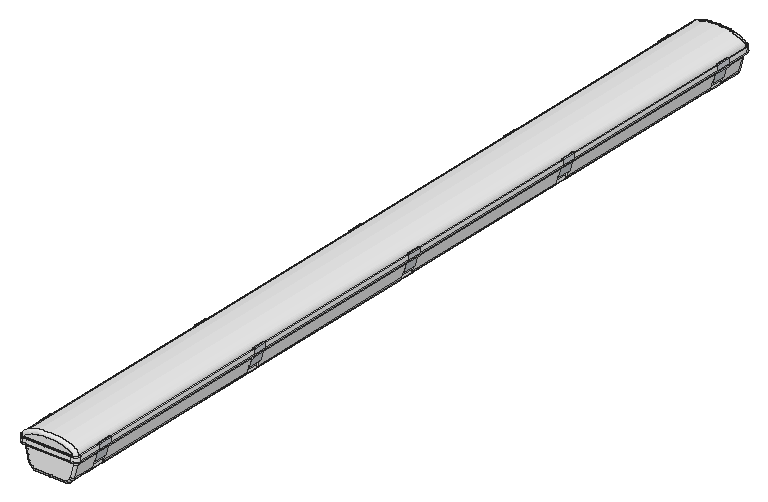
Revit family "0067978 Sylvania Lighting Fixture START Waterproof Twin 1500 IP65 DALI 7100lm 840 QC", category Lighting Fixtures, host Face, Revit 2016
Family settings
  Host = Face
  Part Type = Normal
  Round Connector Dimension = Use Diameter
  OmniClass Number = 23.80.70.11.14
  OmniClass Title = General Luminaries, Directional
  Cut with Voids When Loaded = No
  Light Source = Yes
  Shared = No
  Room Calculation Point = No
Parameters (values of type "0067978 ST WTRPRF T 1500 IP65 DALI 7100LM 840 QC")
  Width = 110 mm
  Weight = "kg"
  Wattage Comments = "n/a"
  Wattage = 58 W
  WarrantyStartDate [instance] = "n/a"
  WarrantyGuarantorParts = "n/a"
  WarrantyDurationUnit = "n/a"
  WarrantyDurationParts = "n/a"
  WarrantyDescription = "n/a"
  built-in parameter 1150110 = 1 (stored number, unit not read)
  Voltage = 0 V
  URL = "http://www.sylvania-lighting.com"
  TypeName = "START Waterproof Twin 1500 IP65 DALI 7100lm 840 QC"
  Type Image = <None>
  Type Comments = "n/a"
  built-in parameter 1114217 = 1 (stored number, unit not read)
  Tilt Angle = -90.00°
  built-in parameter 1150109 = 1 (stored number, unit not read)
  built-in parameter 1150134 = 12
  built-in parameter 1150113 = 1 (stored number, unit not read)
  SerialNumber [instance] = "n/a"
  ReflectorMaterial = none
  PowerFactor = 0
  PowerConsumption = "58 W"
  Photometric Web File = "0067978.ies"
  NominalWidth = 0 mm
  NominalLength = 1578 mm
  NominalHeight = 78 mm
  Name = "START Waterproof Twin 1500 IP65 DALI 7100lm 840 QC"
  ModelReference = "START Waterproof Twin 1500 IP65 DALI 7100lm 840 QC"
  ModelNumber = "0067978"
  Model = "START Waterproof Twin 1500 IP65 DALI 7100lm 840 QC"
  Material = "polycarbonate housing, polycarbonate diffuser"
  ManufacturerName = "Feilo Sylvania"
  Manufacturer = "Feilo Sylvania"
  LuminousEfficacy = "122 lm/W"
  built-in parameter 1150105 = 563.09 (stored number, unit not read)
  Lumens = 7076 lm
  LuminaireType = ""
  built-in parameter 1150115 = 1 (stored number, unit not read)
  LightOutputRatio = "n/a"
  built-in parameter 1150137 = (empty or 0)
  built-in parameter 1150139 = (empty or 0)
  Length = 1572 mm
  LampsType = Lamp  # "LED"
  LampNominalLuminous = "7050 lm"
  LampMacAdamStep = "n/a"
  LampColourTemperature = "4000 K"
  LampColourRenderingIndex = "80"
  built-in parameter 1150112 = 1 (stored number, unit not read)
  built-in parameter 1150114 = 1 (stored number, unit not read)
  Lamp = "LED"
  Keynote = "16500"
  InstallationDate [instance] = "n/a"
  InputVoltage = "n/a"
  InputNominalFrequency = "n/a"
  built-in parameter 1150132 = (empty or 0)
  built-in parameter 1150102 = (empty or 0)
  built-in parameter 1150107 = 4000 (stored number, unit not read)
  built-in parameter 1150138 = (empty or 0)
  IngressProtection = "IP65"
  ImpactProtectionIndex = "IK08"
  built-in parameter 1150106 = 5.6309 (stored number, unit not read)
  IfcExportType = "IfcLightFixtureType"
  IfcExportAs = "IfcLightFixtureType"
  ExpectedLife = 50000
  Emit from Rectangle Width = Width - 20 mm  # 90 mm
  Emit from Rectangle Length = Length - 20 mm  # 1552 mm
  Emit Shape Visible in Rendering = no
  ElectricShockClassification = "Class I"
  built-in parameter 1150104 = 11.334 (stored number, unit not read)
  DurationUnit = "hours"
  DocumentationLiterature = "http://www.sylvania-lighting.com/product/en-int/products/0067978"
  DimmingControlOptions = "n/a"
  Dimming Lamp Color Temperature Shift = <None>
  DiffuserMaterial = Diffuser-Sylvania-Transparent
  Description = ""
  Default Elevation = 1219.2 mm
  CreatedOn = "11/27/2018"
  CreatedBy = "@sylvania-lighting.com"
  Cost = 0
  Color Filter = 16777215
  built-in parameter 1114216 [instance] = (empty or 0)
  ClassificationValue = "EF_70_80"
  ClassificationName = "Uniclass2015"
  BodyMaterial = Body-Sylvania-Gray
  BarCode [instance] = "n/a"
  built-in parameter 1114218 = 1 (stored number, unit not read)
  built-in parameter 1150133 = 10 (stored number, unit not read)
  AssetType = "Fixed"
  AssetIdentifier [instance] = "n/a"
  Assembly Code = "D5020200"
  Apparent Load = 58 VA
  AccessoryMaterial = Diffuser-Sylvania-Glow
Reference planes
  plane 1 "Center (Front/Back)": y = 0
  plane 2: z = 0
  plane 3 "Center (Left/Right)": x = 0
  plane 4: z = 54
  plane 5: x = -27.7
  plane 6: x = -34.8
  plane 7: x = -39.6
  plane 8: x = -42.2
  plane 9: z = 3
  plane 10: z = 7.8
  plane 11: z = 12.3
  plane 12: z = 36.6
  plane 13: z = 42.8
  plane 14: x = -51.1
  plane 15: z = 46.2
  plane 16: x = -55
  plane 17: y = 786
  plane 18: y = -786
  plane 19: x = 27.7
  plane 20: x = 34.8
  plane 21: x = 39.6
  plane 22: x = 42.2
  plane 23: x = 51.1
  plane 24: x = 55
  plane 25: y = 778.4
  plane 26: y = -778.4
  plane 27: y = -774.7
  plane 28: y = 774.7
  plane 29: z = 74
  plane 30: x = -51.5
  plane 31: x = 51.5
  plane 32: z = 55.2
  plane 33: y = -782.5
  plane 34: y = 782.5
  plane 35: x = -37.5
  plane 36: x = 37.5
  plane 37: x = -48.7
  plane 38: x = 48.7
  plane 39: x = 18
  plane 40: x = -18
  plane 41: z = 50.2
  plane 42: z = 24.6
  plane 43: y = 720
  plane 44: y = 706
  plane 45: y = 734
  plane 46: y = -720
  plane 47: y = 720
  plane 48: y = 706
  plane 49: y = 734
  plane 50: y = -720
  plane 51: y = -734
  plane 52: y = -706
  plane 53: y = 360
  plane 54: y = 346
  plane 55: y = 374
  plane 56: y = 0
  plane 57: y = -14
  plane 58: y = 14
  plane 59: y = -360
  plane 60: y = -374
  plane 61: y = -346
Forms (mm)
  Sweep 1, solid, material "Body-Sylvania-Gray" <- "BodyMaterial", detail levels medium+fine
    path origin (1223.4, -4572, 54) x (0, -1, 0) y (1, 0, 0)
      loop
        arc (-3796, -1278.4) -> (-3788.929, -1275.471) -> (-3786, -1268.4) r 10
        line (-3786, -1268.4) -> (-3786, -1178.4)
        arc (-3786, -1178.4) -> (-3788.929, -1171.329) -> (-3796, -1168.4) r 10
        line (-3796, -1168.4) -> (-5348, -1168.4)
        arc (-5348, -1168.4) -> (-5355.071, -1171.329) -> (-5358, -1178.4) r 10
        line (-5358, -1178.4) -> (-5358, -1268.4)
        arc (-5358, -1268.4) -> (-5355.071, -1275.471) -> (-5348, -1278.4) r 10
        line (-5348, -1278.4) -> (-3796, -1278.4)
    profile origin (-55, 0, 54) x (-1, 0, 0) y (0, 0, 1)
      loop
        line (0, 0) -> (-1, 0) -> (-1, -7.726)
        arc (-1, -7.726) -> (-1.994, -9.498) -> (-3.9, -10.2) r 2.937
        line (-3.9, -10.2) -> (-8.571, -10.2) -> (-8.571, -11.2) -> (-3.9, -11.2)
        arc (-3.9, -11.2) -> (-1.313, -10.231) -> (0, -7.8) r 3.937
        line (0, -7.8) -> (0, 0)
  Sweep 2, solid, material "Body-Sylvania-Gray" <- "BodyMaterial", detail levels medium+fine
    path origin (0, 0, 0) x (1, 0, 0) y (0, 0, 1)
      loop
        line (48.7, 42.8) -> (48.7, 36.6) -> (42.203, 12.31)
        arc (42.203, 12.31) -> (41.199, 9.884) -> (39.6, 7.8) r 10.052
        line (39.6, 7.8) -> (34.8, 3)
        arc (34.8, 3) -> (31.554, 0.781) -> (27.7, 0) r 9.902
        line (27.7, 0) -> (0, 0) -> (-27.7, 0)
        arc (-27.7, 0) -> (-31.554, 0.781) -> (-34.8, 3) r 9.902
        line (-34.8, 3) -> (-39.6, 7.8)
        arc (-39.6, 7.8) -> (-41.199, 9.884) -> (-42.203, 12.31) r 10.052
        line (-42.203, 12.31) -> (-48.7, 36.6) -> (-48.7, 42.8)
    profile origin (0, 0, 0) x (0, 0, -1) y (0, -1, 0)
      loop
        arc (0, 773.4) -> (-1.464, 776.936) -> (-5, 778.4) r 5
        line (-5, 778.4) -> (-7.8, 778.4) -> (-7.8, -778.4) -> (-5, -778.4)
        arc (-5, -778.4) -> (-1.464, -776.936) -> (0, -773.4) r 5
        line (0, -773.4) -> (0, 773.4)
  Extrusion 3, solid, material "Body-Sylvania-Gray" <- "BodyMaterial", detail levels medium+fine
    sketch origin (1524, 778.4, 1219.2) x (1, 0, 0) y (0, 0, 1)
      loop
        arc (-1558.668, -1204.874) -> (-1558.443, -1205.418) -> (-1558.085, -1205.885) r 2.252
        line (-1558.085, -1205.885) -> (-1553.231, -1210.738)
        arc (-1553.231, -1210.738) -> (-1552.534, -1211.227) -> (-1551.7, -1211.4) r 2.102
        line (-1551.7, -1211.4) -> (-1496.3, -1211.4)
        arc (-1496.3, -1211.4) -> (-1495.466, -1211.227) -> (-1494.769, -1210.738) r 2.102
        line (-1494.769, -1210.738) -> (-1489.915, -1205.885)
        arc (-1489.915, -1205.885) -> (-1489.557, -1205.418) -> (-1489.332, -1204.874) r 2.252
        line (-1489.332, -1204.874) -> (-1483.1, -1181.575) -> (-1483.1, -1176.4) -> (-1564.9, -1176.4) -> (-1564.9, -1181.575) -> (-1558.668, -1204.874)
    from 0 to 1556.8
  Sweep 4, solid, material "Diffuser-Sylvania-Transparent" <- "DiffuserMaterial", detail levels medium+fine
    path origin (0, 0, 0) x (1, 0, 0) y (0, 0, 1)
      loop
        spline (-51.5, 55.2) -> (-49.745, 60.066) -> (-44.6, 64.6) -> (-36.416, 68.494) -> (-25.75, 71.481) -> (-13.329, 73.359) -> (0, 74) -> (13.329, 73.359) -> (25.75, 71.481) -> (36.416, 68.494) -> (44.6, 64.6) -> (49.745, 60.066) -> (51.5, 55.2)
    profile origin (51.5, 0, 55.2) x (0, -1, 0) y (1, 0, 0)
      loop
        arc (782.5, -5.5) -> (780.889, -1.611) -> (777, 0) r 5.5
        line (777, 0) -> (-777, 0)
        arc (-777, 0) -> (-780.889, -1.611) -> (-782.5, -5.5) r 5.5
        line (-782.5, -5.5) -> (-782.5, -6.3) -> (-781.5, -6.3) -> (-781.5, -5.5)
        arc (-781.5, -5.5) -> (-780.182, -2.318) -> (-777, -1) r 4.5
        line (-777, -1) -> (777, -1)
        arc (777, -1) -> (780.182, -2.318) -> (781.5, -5.5) r 4.5
        line (781.5, -5.5) -> (781.5, -6.347) -> (782.5, -6.347) -> (782.5, -5.5)
  Extrusion 5, solid, material "Diffuser-Sylvania-Transparent" <- "DiffuserMaterial", detail levels medium+fine
    sketch origin (1524, -782.5, 1219.2) x (1, 0, 0) y (0, 0, 1)
      loop
        line (-1569.653, -1164) -> (-1478.347, -1164)
        spline (-1478.347, -1164) -> (-1478.969, -1162.594) -> (-1482.527, -1159.545) -> (-1489.588, -1156.201) -> (-1499.458, -1153.445) -> (-1511.242, -1151.663) -> (-1524, -1151.049) -> (-1536.758, -1151.663) -> (-1548.542, -1153.445) -> (-1558.412, -1156.201) -> (-1565.473, -1159.545) -> (-1569.031, -1162.594) -> (-1569.653, -1164)
    from 0 to -1
  Extrusion 6, solid, material "Diffuser-Sylvania-Transparent" <- "DiffuserMaterial", detail levels medium+fine
    sketch origin (1524, 782.5, 1219.2) x (1, 0, 0) y (0, 0, 1)
      loop
        spline (-1478.3, -1164) -> (-1478.931, -1162.565) -> (-1482.502, -1159.505) -> (-1489.572, -1156.155) -> (-1499.446, -1153.394) -> (-1511.236, -1151.614) -> (-1524, -1151.007) -> (-1536.764, -1151.614) -> (-1548.554, -1153.394) -> (-1558.428, -1156.155) -> (-1565.498, -1159.505) -> (-1569.069, -1162.565) -> (-1569.7, -1164)
        line (-1569.7, -1164) -> (-1478.3, -1164)
    from 0 to 1
  Extrusion 7, solid, material "Diffuser-Sylvania-Transparent" <- "DiffuserMaterial", detail levels medium+fine
    sketch origin (1223.4, -4572, 55.2) x (0, -1, 0) y (-1, 0, 0)
      loop
        arc (-5353.5, 1177.4) -> (-5352.182, 1174.218) -> (-5349, 1172.9) r 4.5
        line (-5349, 1172.9) -> (-3795, 1172.9)
        arc (-3795, 1172.9) -> (-3791.818, 1174.218) -> (-3790.5, 1177.4) r 4.5
        line (-3790.5, 1177.4) -> (-3790.5, 1269.4)
        arc (-3790.5, 1269.4) -> (-3791.818, 1272.582) -> (-3795, 1273.9) r 4.5
        line (-3795, 1273.9) -> (-5349, 1273.9)
        arc (-5349, 1273.9) -> (-5352.182, 1272.582) -> (-5353.5, 1269.4) r 4.5
        line (-5353.5, 1269.4) -> (-5353.5, 1177.4)
      loop
        line (-5358, 1268.4) -> (-5358, 1178.4)
        arc (-5358, 1178.4) -> (-5355.071, 1171.329) -> (-5348, 1168.4) r 10
        line (-5348, 1168.4) -> (-3796, 1168.4)
        arc (-3796, 1168.4) -> (-3788.929, 1171.329) -> (-3786, 1178.4) r 10
        line (-3786, 1178.4) -> (-3786, 1268.4)
        arc (-3786, 1268.4) -> (-3788.929, 1275.471) -> (-3796, 1278.4) r 10
        line (-3796, 1278.4) -> (-5348, 1278.4)
        arc (-5348, 1278.4) -> (-5355.071, 1275.471) -> (-5358, 1268.4) r 10
    from 0 to 1.2
  Extrusion 8, solid, material "Diffuser-Sylvania-Glow" <- "AccessoryMaterial", detail levels fine
    sketch origin (0, 0, 0) x (1, 0, 0) y (0, 0, 1)
      loop
        circle (-18, 50.2) r 8
      loop
        circle (18, 50.2) r 8
    from -774.7 to 774.7
  Extrusion 9, void
    sketch origin (0, 720, 2343.807) x (0, 0, -1) y (-1, 0, 0)
      loop
        line (2340.807, -37.5) -> (2331.507, -37.5) -> (2319.207, -42.2) -> (2319.207, -48.7) -> (2340.807, -48.7) -> (2340.807, -37.5)
      loop
        line (2340.807, 37.5) -> (2340.807, 48.7) -> (2319.207, 48.7) -> (2319.207, 42.2) -> (2331.507, 37.5) -> (2340.807, 37.5)
    from -14 to 14
  Extrusion 10, solid, material "Body-Sylvania-Gray" <- "BodyMaterial", detail levels coarse
    sketch origin (0, 0, 0) x (1, 0, 0) y (0, 0, 1)
      loop
        line (55, 42.8) -> (55, 55.2) -> (-55, 55.2) -> (-55, 42.791) -> (-42.2, 0) -> (42.2, 0) -> (55, 42.8)
    from -786 to 786
  Extrusion 11, solid, material "Diffuser-Sylvania-Transparent" <- "DiffuserMaterial", detail levels coarse
    sketch origin (0, 0, 0) x (1, 0, 0) y (0, 0, 1)
      loop
        arc (51.5, 55.2) -> (0, 74) -> (-51.5, 55.2) r 79.939
        line (-51.5, 55.2) -> (51.5, 55.2)
    from 778.4 to -778.4
  Extrusion 12, void, not visible
    sketch origin (0, 720, 2343.807) x (0, 0, -1) y (-1, 0, 0)
      loop
        line (2340.807, -37.5) -> (2331.507, -37.5) -> (2319.207, -42.2) -> (2319.207, -48.7) -> (2340.807, -48.7) -> (2340.807, -37.5)
      loop
        line (2340.807, 37.5) -> (2340.807, 48.7) -> (2319.207, 48.7) -> (2319.207, 42.2) -> (2331.507, 37.5) -> (2340.807, 37.5)
    from -14 to 14
  Extrusion 13, void
    sketch origin (0, -720, 2343.807) x (0, 0, -1) y (-1, 0, 0)
      loop
        line (2340.807, -37.5) -> (2331.507, -37.5) -> (2319.207, -42.2) -> (2319.207, -48.7) -> (2340.807, -48.7) -> (2340.807, -37.5)
      loop
        line (2340.807, 37.5) -> (2340.807, 48.7) -> (2319.207, 48.7) -> (2319.207, 42.2) -> (2331.507, 37.5) -> (2340.807, 37.5)
    from -14 to 14
  Extrusion 14, void
    sketch origin (0, 360, 2343.807) x (0, 0, -1) y (-1, 0, 0)
      loop
        line (2340.807, -37.5) -> (2331.507, -37.5) -> (2319.207, -42.2) -> (2319.207, -48.7) -> (2340.807, -48.7) -> (2340.807, -37.5)
      loop
        line (2340.807, 37.5) -> (2340.807, 48.7) -> (2319.207, 48.7) -> (2319.207, 42.2) -> (2331.507, 37.5) -> (2340.807, 37.5)
    from -14 to 14
  Extrusion 15, void
    sketch origin (0, 0, 2343.807) x (0, 0, -1) y (-1, 0, 0)
      loop
        line (2340.807, -37.5) -> (2331.507, -37.5) -> (2319.207, -42.2) -> (2319.207, -48.7) -> (2340.807, -48.7) -> (2340.807, -37.5)
      loop
        line (2340.807, 37.5) -> (2340.807, 48.7) -> (2319.207, 48.7) -> (2319.207, 42.2) -> (2331.507, 37.5) -> (2340.807, 37.5)
    from -14 to 14
  Extrusion 16, void
    sketch origin (0, -360, 2343.807) x (0, 0, -1) y (-1, 0, 0)
      loop
        line (2340.807, -37.5) -> (2331.507, -37.5) -> (2319.207, -42.2) -> (2319.207, -48.7) -> (2340.807, -48.7) -> (2340.807, -37.5)
      loop
        line (2340.807, 37.5) -> (2340.807, 48.7) -> (2319.207, 48.7) -> (2319.207, 42.2) -> (2331.507, 37.5) -> (2340.807, 37.5)
    from -14 to 14
Cuts and joins
  Extrusion 9, Extrusion 13, Extrusion 14, Extrusion 15, Extrusion 16 cuts Sweep 2
  Extrusion 13, Extrusion 14, Extrusion 15, Extrusion 16 cuts Extrusion 3
  joined: Sweep 2, Extrusion 3
  joined: Sweep 4, Extrusion 5, Extrusion 6
Dimensions and locks
  locked: plane 4 to plane 2 at 54
  plane 5 to plane 6 to plane 7 to plane 8 to plane 14 to plane 16 = 7.1 mm locked, 4.8 mm locked, 2.6 mm locked, 8.9 mm, 3.9 mm
  plane 4 to plane 15 to plane 13 to plane 12 to plane 11 to plane 10 to plane 9 = 7.8 mm locked, 3.4 mm, 6.2 mm locked, 24.3 mm locked, 4.5 mm locked, 4.8 mm locked
  equal spacing: plane 18, plane 1 "Center (Front/Back)", plane 17
  "Length": plane 18 to plane 17
  plane 19 to plane 20 to plane 21 to plane 22 to plane 23 to plane 24 = 7.1 mm locked, 4.8 mm locked, 2.6 mm locked, 8.9 mm, 3.9 mm
  equal spacing: plane 24, plane 3 "Center (Left/Right)", plane 16
  "Width": plane 24 to plane 16
  equal spacing: plane 27, plane 1 "Center (Front/Back)", plane 28
  locked: plane 26 to plane 27 at 3.7
  locked: Sweep 1 sketch curve to profile plane at 1
  locked: Sweep 1 sketch curve to plane 13 at 1
  locked: Sweep 1 sketch curve to plane 13 at 3.937  (x2)
  locked: Sweep 1 sketch curve to profile plane at 3.9  (x2)
  locked: plane 29 to plane 4 at 20
  equal spacing: plane 31, plane 3 "Center (Left/Right)", plane 30
  locked: plane 30 to plane 16 at 3.5
  locked: plane 32 to plane 4 at 1.2
  equal spacing: plane 33, plane 1 "Center (Front/Back)", plane 34
  equal spacing: plane 36, plane 3 "Center (Left/Right)", plane 35
  locked: plane 3 "Center (Left/Right)" to plane 35 at 37.5
  locked: plane 34 to plane 17 at 3.5
  equal spacing: plane 38, plane 3 "Center (Left/Right)", plane 37
  locked: plane 37 to plane 16 at 6.3
  equal spacing: plane 25, plane 1 "Center (Front/Back)", plane 26
  locked: plane 17 to plane 25 at 7.6
  locked: Sweep 2 sketch curve to plane 2 at 5  (x2)
  locked: Sweep 2 sketch curve to plane 26 at 5
  locked: plane 25 to Sweep 2 sketch curve at 5
  locked: Sweep 4 sketch curve to plane 31 at 5.5  (x2)
  locked: Sweep 4 sketch curve to plane 34 at 5.5
  plane 33 to Sweep 4 sketch curve = 5.5 mm
  locked: plane 34 to Sweep 4 sketch curve at 1
  locked: Sweep 4 sketch curve to plane 31 at 1
  locked: Sweep 4 sketch curve to Sweep 4 sketch curve at 1
  locked: Sweep 4 sketch curve to plane 31 at 6.347
  locked: Sweep 4 sketch curve to plane 31 at 6.3
  equal spacing: plane 39, plane 3 "Center (Left/Right)", plane 40
  locked: plane 3 "Center (Left/Right)" to plane 40 at 18
  locked: plane 42 to plane 2 at 24.6
  plane 45 to plane 43 to plane 44 = 14 mm locked, 14 mm locked
  locked: plane 17 to plane 43 at 66
  equal spacing: plane 43, plane 1 "Center (Front/Back)", plane 46
  plane 49 to plane 47 to plane 48 = 14 mm locked, 14 mm locked
  plane 52 to plane 50 to plane 51 = 14 mm locked, 14 mm locked  (x2)
  equal spacing: group 1, group 6, group 7, group 8, group 5  (x2)
  equal spacing: group 5, group 8, group 7, group 6, group 1
  plane 55 to plane 53 to plane 54 = 14 mm locked, 14 mm locked  (x2)
  plane 58 to plane 56 to plane 57 = 14 mm locked, 14 mm locked  (x2)
  plane 61 to plane 59 to plane 60 = 14 mm locked, 14 mm locked  (x2)
  plane 43 to plane 53 to plane 1 "Center (Front/Back)" to plane 59 to plane 50 = 360 mm locked, 360 mm locked, 360 mm locked, 360 mm locked
  aligned and locked: plane 2 to host face
  aligned and locked: level to host face
  aligned and locked: plane 16 to Sweep 1 sketch curve
  aligned and locked: Sweep 1 sketch curve to plane 24
  aligned and locked: plane 18 to Sweep 1 sketch curve
  aligned and locked: Sweep 1 sketch curve to plane 13
  aligned and locked: profile plane to Sweep 1 sketch curve
  aligned and locked: plane 3 "Center (Left/Right)" to Sweep 2 sketch curve
  aligned and locked: plane 9 to Sweep 2 sketch curve
  aligned and locked: plane 10 to Sweep 2 sketch curve
  aligned and locked: plane 37 to Sweep 2 sketch curve
  aligned and locked: plane 12 to Sweep 2 sketch curve
  aligned and locked: Sweep 2 sketch curve to level
  aligned and locked: plane 21 to Sweep 2 sketch curve
  aligned and locked: plane 38 to Sweep 2 sketch curve
  aligned and locked: profile plane to Sweep 2 sketch curve
  aligned and locked: plane 25 to Sweep 2 sketch curve
  aligned and locked: Sweep 2 sketch curve to plane 10
  aligned and locked: Extrusion 3 sketch curve to Sweep 2  (x7)
  aligned and locked: Sweep 2 to Extrusion 3 sketch curve
  aligned and locked: Extrusion 3 to plane 25
  aligned and locked: plane 26 to Extrusion 3
  aligned and locked: plane 32 to Sweep 4 sketch curve
  aligned and locked: plane 33 to Sweep 4 sketch curve
  aligned and locked: Sweep 4 to Extrusion 5
  aligned and locked: plane 33 to Extrusion 5
  aligned and locked: Extrusion 5 sketch curve to Sweep 4
  aligned and locked: cut or joined group of Sweep 4, Extrusion 5, Extrusion 6 to Extrusion 6 sketch curve
  aligned and locked: Extrusion 7 sketch curve to cut or joined group of Sweep 4, Extrusion 5, Extrusion 6  (x2)
  aligned and locked: cut or joined group of Sweep 4, Extrusion 5, Extrusion 6 to Extrusion 7 sketch curve  (x2)
  aligned and locked: plane 41 to Extrusion 8 sketch curve  (x2)
  aligned and locked: plane 39 to Extrusion 8 sketch curve
  aligned and locked: plane 27 to Extrusion 8
  aligned and locked: Extrusion 8 to plane 28
  aligned and locked: Extrusion 9 to plane 42
  aligned and locked: plane 9 to Extrusion 9
  aligned and locked: plane 44 to Extrusion 9
  aligned and locked: Extrusion 9 to plane 45
  aligned and locked: Extrusion 7 sketch curve to Sweep 1  (x4)
  aligned and locked: plane 4 to Extrusion 7
  aligned and locked: Extrusion 7 to plane 32
  aligned and locked: nested 2 to plane 43
  aligned and locked: plane 43 to nested 1
  aligned and locked: Extrusion 10 sketch curve to plane 24
  aligned and locked: Extrusion 10 sketch curve to Extrusion 7
  aligned and locked: plane 8 to Extrusion 10 sketch curve
  aligned and locked: plane 22 to Extrusion 10 sketch curve
  aligned and locked: level to Extrusion 10 sketch curve
  aligned and locked: Extrusion 10 to plane 17
  aligned and locked: plane 18 to Extrusion 10
  aligned and locked: cut or joined group of Sweep 4, Extrusion 5, Extrusion 6 to Extrusion 11 sketch curve
  aligned and locked: Extrusion 11 sketch curve to cut or joined group of Sweep 4, Extrusion 5, Extrusion 6  (x2)
  aligned and locked: plane 31 to Extrusion 11 sketch curve
  aligned and locked: plane 30 to Extrusion 11 sketch curve
  aligned and locked: plane 26 to Extrusion 11
  aligned and locked: Extrusion 11 to plane 25
  aligned and locked: imposter light to plane 29
  aligned and locked: plane 3 "Center (Left/Right)" to imposter light
  aligned and locked: plane 1 "Center (Front/Back)" to imposter light
  aligned and locked: plane 51 to Extrusion 13
  aligned and locked: Extrusion 13 to plane 52
  aligned and locked: plane 54 to Extrusion 14
  aligned and locked: Extrusion 14 to plane 55
  aligned and locked: plane 57 to Extrusion 15
  aligned and locked: Extrusion 15 to plane 58
  aligned and locked: plane 60 to Extrusion 16
  aligned and locked: Extrusion 16 to plane 61
  aligned and locked: nested 3 to plane 53
  aligned and locked: plane 53 to nested 10
  aligned and locked: nested 4 to plane 56
  aligned and locked: plane 56 to nested 9
  aligned and locked: nested 5 to plane 59
  aligned and locked: plane 59 to nested 8
  aligned and locked: nested 6 to plane 50
  aligned and locked: plane 50 to nested 7
Automatic sketch dimensions
  host sketch curve to host sketch curve = 2438.4 mm  (x2)
  plane 17 to Sweep 1 sketch curve = 0 mm
  Sweep 1 sketch curve to plane 28 = 1.3 mm
  Sweep 1 sketch curve to plane 7 = 5.4 mm
  plane 27 to Sweep 1 sketch curve = 1.3 mm  (x2)
  Sweep 1 sketch curve to Sweep 1 sketch curve = 4.671 mm
  Sweep 1 sketch curve to plane 4 = 0 mm
  Sweep 2 sketch curve to plane 7 = 0 mm
  Sweep 2 sketch curve to plane 6 = 0 mm
  Sweep 2 sketch curve to plane 5 = 0 mm
  plane 19 to Sweep 2 sketch curve = 0 mm
  Sweep 2 sketch curve to plane 9 = 0 mm
  plane 20 to Sweep 2 sketch curve = 0 mm
  Sweep 2 sketch curve to plane 12 = 0 mm
  Sweep 2 sketch curve to plane 10 = 0 mm
  Sweep 2 sketch curve to plane 13 = 0 mm  (x2)
  Sweep 2 sketch curve to plane 8 = 0.003 mm
  plane 6 to Sweep 2 sketch curve = 2.308 mm
  plane 20 to Sweep 2 sketch curve = 2.308 mm
  Sweep 2 sketch curve to plane 22 = 0.003 mm
  Sweep 2 sketch curve to plane 11 = 0.01 mm  (x2)
  Extrusion 3 sketch curve to plane 5 = 0 mm
  plane 19 to Extrusion 3 sketch curve = 0 mm
  plane 6 to Extrusion 3 sketch curve = 0.132 mm
  plane 6 to Extrusion 3 sketch curve = 0.715 mm
  Extrusion 3 sketch curve to Extrusion 3 sketch curve = 1.592 mm
  Extrusion 3 sketch curve to plane 10 = 0.662 mm  (x2)
  plane 20 to Extrusion 3 sketch curve = 2.308 mm
  plane 20 to Extrusion 3 sketch curve = 0.715 mm
  plane 20 to Extrusion 3 sketch curve = 0.132 mm
  Sweep 4 sketch curve to plane 30 = 0 mm
  Sweep 4 sketch curve to plane 3 "Center (Left/Right)" = 0 mm
  Sweep 4 sketch curve to Sweep 4 sketch curve = 0 mm  (x2)
  plane 37 to Extrusion 5 sketch curve = 3.047 mm
  Extrusion 5 sketch curve to plane 38 = 3.047 mm
  plane 37 to Extrusion 6 sketch curve = 3 mm
  Extrusion 6 sketch curve to plane 38 = 3 mm
  plane 25 to Extrusion 7 sketch curve = 1.4 mm  (x2)
  Extrusion 7 sketch curve to plane 26 = 1.4 mm  (x2)
  Extrusion 8 sketch curve to plane 40 = 0 mm
  Extrusion 9 sketch curve to Extrusion 9 sketch curve = 0 mm
  Extrusion 9 sketch curve to Extrusion 9 sketch curve = 12.3 mm  (x2)
  Extrusion 9 sketch curve to Extrusion 9 sketch curve = 9.3 mm  (x2)
  Extrusion 9 sketch curve to Extrusion 9 sketch curve = 6.5 mm
  Extrusion 9 sketch curve to Extrusion 9 sketch curve = 4.7 mm  (x2)
  Extrusion 9 sketch curve to Extrusion 9 sketch curve = 75 mm
  Extrusion 9 sketch curve to Extrusion 9 sketch curve = 11.2 mm
  Extrusion 10 sketch curve to plane 13 = 0 mm
  plane 13 to Extrusion 10 sketch curve = 0.009 mm
  Extrusion 11 sketch curve to level = 5.939 mm
  Extrusion 10 sketch curve to plane 16 = 0 mm
  Extrusion 12 sketch curve to Extrusion 12 sketch curve = 0 mm
  Extrusion 12 sketch curve to Extrusion 12 sketch curve = 12.3 mm  (x2)
  Extrusion 12 sketch curve to Extrusion 12 sketch curve = 9.3 mm  (x2)
  Extrusion 12 sketch curve to Extrusion 12 sketch curve = 6.5 mm
  Extrusion 12 sketch curve to Extrusion 12 sketch curve = 4.7 mm  (x2)
  Extrusion 12 sketch curve to Extrusion 12 sketch curve = 75 mm
  Extrusion 12 sketch curve to Extrusion 12 sketch curve = 11.2 mm
  Extrusion 13 sketch curve to Extrusion 13 sketch curve = 0 mm
  Extrusion 13 sketch curve to Extrusion 13 sketch curve = 12.3 mm  (x2)
  Extrusion 13 sketch curve to Extrusion 13 sketch curve = 9.3 mm  (x2)
  Extrusion 13 sketch curve to Extrusion 13 sketch curve = 6.5 mm
  Extrusion 13 sketch curve to Extrusion 13 sketch curve = 4.7 mm  (x2)
  Extrusion 13 sketch curve to Extrusion 13 sketch curve = 75 mm
  Extrusion 13 sketch curve to Extrusion 13 sketch curve = 11.2 mm
  Extrusion 14 sketch curve to Extrusion 14 sketch curve = 0 mm
  Extrusion 14 sketch curve to Extrusion 14 sketch curve = 12.3 mm  (x2)
  Extrusion 14 sketch curve to Extrusion 14 sketch curve = 9.3 mm  (x2)
  Extrusion 14 sketch curve to Extrusion 14 sketch curve = 6.5 mm
  Extrusion 14 sketch curve to Extrusion 14 sketch curve = 4.7 mm  (x2)
  Extrusion 14 sketch curve to Extrusion 14 sketch curve = 75 mm
  Extrusion 14 sketch curve to Extrusion 14 sketch curve = 11.2 mm
  Extrusion 15 sketch curve to Extrusion 15 sketch curve = 0 mm
  Extrusion 15 sketch curve to Extrusion 15 sketch curve = 12.3 mm  (x2)
  Extrusion 15 sketch curve to Extrusion 15 sketch curve = 9.3 mm  (x2)
  Extrusion 15 sketch curve to Extrusion 15 sketch curve = 6.5 mm
  Extrusion 15 sketch curve to Extrusion 15 sketch curve = 4.7 mm  (x2)
  Extrusion 15 sketch curve to Extrusion 15 sketch curve = 75 mm
  Extrusion 15 sketch curve to Extrusion 15 sketch curve = 11.2 mm
  Extrusion 16 sketch curve to Extrusion 16 sketch curve = 0 mm
  Extrusion 16 sketch curve to Extrusion 16 sketch curve = 12.3 mm  (x2)
  Extrusion 16 sketch curve to Extrusion 16 sketch curve = 9.3 mm  (x2)
  Extrusion 16 sketch curve to Extrusion 16 sketch curve = 6.5 mm
  Extrusion 16 sketch curve to Extrusion 16 sketch curve = 4.7 mm  (x2)
  Extrusion 16 sketch curve to Extrusion 16 sketch curve = 75 mm
  Extrusion 16 sketch curve to Extrusion 16 sketch curve = 11.2 mm
  radius of Extrusion 8 sketch curve = 8 mm  (x2)
Nested families
  nested 1: "Clip" at (42.2, 720, 24.6), type "Clip", detail levels fine
  nested 2: "Clip" at (-42.2, 720, 24.6) x (-1, 0, 0) z (0, 0, 1), type "Clip", detail levels fine
  nested 3: "Clip" at (-42.2, 360, 24.6) x (-1, 0, 0) z (0, 0, 1), type "Clip", detail levels fine
  nested 4: "Clip" at (-42.2, 0, 24.6) x (-1, 0, 0) z (0, 0, 1), type "Clip", detail levels fine
  nested 5: "Clip" at (-42.2, -360, 24.6) x (-1, 0, 0) z (0, 0, 1), type "Clip", detail levels fine
  nested 6: "Clip" at (-42.2, -720, 24.6) x (-1, 0, 0) z (0, 0, 1), type "Clip", detail levels fine
  nested 7: "Clip" at (42.2, -720, 24.6), type "Clip", detail levels fine
  nested 8: "Clip" at (42.2, -360, 24.6), type "Clip", detail levels fine
  nested 9: "Clip" at (42.2, 0, 24.6), type "Clip", detail levels fine
  nested 10: "Clip" at (42.2, 360, 24.6), type "Clip", detail levels fine
Connectors
  electrical at (0, 0, 0), driven by "Apparent Load"
    settings: index 1, voltage 230 V, apparent load 58 VA, apparent load phase1 0 VA, apparent load phase2 0 VA, apparent load phase3 0 VA, power factor 0, load classification "Lighting", number of poles 1, system type 30, power factor state 1, is connector primary yes, connector utility no, sub classification motor no, connector description ""
Definition of nested family "Clip"
  Parameters (values of type "Clip")
    URL = "http://www.feilosylvania.com"
    Type Comments = "n/a"
    Model = "n/a"
    Manufacturer = "Feilo Sylvania"
    Keynote = "n/a"
    Description = "n/a"
    Default Elevation = 1219.2 mm
    Cost = 0
    BodyMaterial = none
    Assembly Code = "n/a"
  Reference planes
    plane 1 "Center (Front/Back)": y = 0
    plane 2: z = 0
    plane 3 "Center (Left/Right)": x = 0
    plane 4: x = 3.3
    plane 5: x = 6.5
    plane 6: x = 8.9
    plane 7: x = 12.8
    plane 8: z = 12
    plane 9: z = 18.2
    plane 10: z = 21.6
    plane 11: z = 30.6
    plane 12: x = 9.3
    plane 13: z = 19.2
    plane 14: z = 16.2
    plane 15: x = 10.1
    plane 16: y = 12
    plane 17: y = -12
  Forms (mm)
    Extrusion 1, solid
      sketch origin (-0.8, 0, 0) x (1, 0, 0) y (0, 1, 0)
        loop
          line (-1219.2, 1219.2) -> (-1219.2, -1219.2) -> (1219.2, -1219.2) -> (1219.2, 1219.2) -> (-1219.2, 1219.2)
      from 0 to -304.8
    Extrusion 2, solid
      sketch origin (0, 0, 0) x (1, 0, 0) y (0, 0, 1)
        loop
          line (8.9, 16.2) -> (4.58, 0) -> (0, 0) -> (0, -0.8) -> (5.195, -0.8) -> (9.603, 15.731) -> (13.6, 18.806) -> (13.6, 30.6)
          arc (13.6, 30.6) -> (11.45, 32.75) -> (9.3, 30.6) r 2.15
          line (9.3, 30.6) -> (10.1, 30.6)
          arc (10.1, 30.6) -> (11.45, 31.95) -> (12.8, 30.6) r 1.35
          line (12.8, 30.6) -> (12.8, 19.2) -> (8.9, 16.2)
      from -12 to 12
  Lines and regions (mm)
    reference lines
      curve 1: line (3.3, 0, 0) -> (6.5, 0, 12)
      curve 2: arc (8.9, 0, 18.2) -> (11.488, 0, 19.169) -> (12.8, 0, 21.6) r 3.934
  Dimensions and locks
    plane 7 to plane 6 to plane 5 to plane 4 to plane 3 "Center (Left/Right)" = 3.9 mm locked, 2.4 mm locked, 3.2 mm locked, 3.3 mm locked
    plane 11 to plane 10 to plane 9 to plane 8 to plane 2 = 9 mm locked, 3.4 mm locked, 6.2 mm locked, 12 mm locked
    locked: plane 7 to plane 12 at 3.5
    locked: plane 13 to plane 9 at 1
    locked: plane 9 to plane 14 at 2
    locked: plane 15 to plane 12 at 0.8
    locked: plane 2 to Extrusion 2 sketch curve at 0.8
    locked: Extrusion 2 sketch curve to Extrusion 2 sketch curve at 0.8  (x3)
    locked: plane 7 to Extrusion 2 sketch curve at 1.35
    equal spacing: plane 17, plane 1 "Center (Front/Back)", plane 16
    locked: plane 1 "Center (Front/Back)" to plane 16 at 12
    aligned and locked: plane 2 to Extrusion 1
    aligned and locked: level to Extrusion 1
    aligned and locked: plane 4 to curve 1
    aligned and locked: plane 5 to curve 1
    aligned and locked: plane 6 to curve 2
    aligned and locked: plane 10 to curve 2
    aligned and locked: plane 14 to Extrusion 2 sketch curve
    aligned and locked: plane 13 to Extrusion 2 sketch curve
    aligned and locked: plane 7 to Extrusion 2 sketch curve
    aligned and locked: plane 3 "Center (Left/Right)" to Extrusion 2 sketch curve
    aligned and locked: Extrusion 2 sketch curve to level
    aligned and locked: Extrusion 2 sketch curve to plane 11
    aligned and locked: plane 11 to Extrusion 2 sketch curve
    aligned and locked: Extrusion 2 to plane 16
    aligned and locked: plane 17 to Extrusion 2
  Automatic sketch dimensions
    Extrusion 1 sketch curve to Extrusion 1 sketch curve = 2438.4 mm  (x2)
    curve 2 to plane 7 = 0 mm
    curve 1 to level = 0 mm
    curve 1 to plane 8 = 0 mm
    curve 2 to plane 9 = 0 mm
    plane 6 to curve 2 = 0.002 mm
    Extrusion 2 sketch curve to Extrusion 2 sketch curve = 0 mm
    Extrusion 2 sketch curve to plane 6 = 0 mm
    plane 4 to Extrusion 2 sketch curve = 1.28 mm
